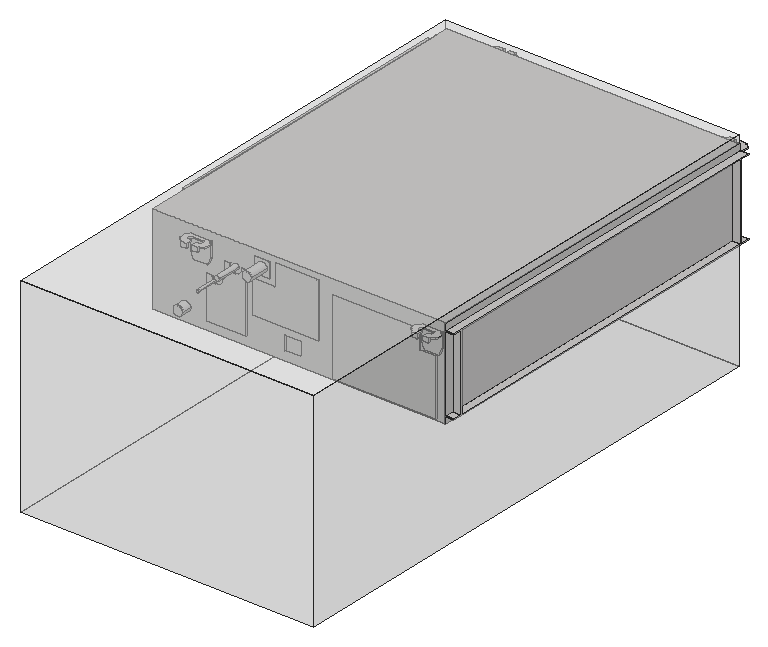
Revit family "outputfile", category 機械設備, Revit 2024
Family settings
  丸型コネクタ寸法 = 半径を使用
  パーツ タイプ = 標準
  OmniClass 番号 = 23.75.10.24.21.27.27
  OmniClass タイトル = Split System Air Conditioning Units
  作業面ベース = いいえ
  常に垂直 = はい
  ロード時にボイドで切り取り = いいえ
  注釈の向きを維持 = いいえ
  共有 = いいえ
  部屋計算ポイント = はい
Parameters (values of type "FMA50RVM4")
  Description = ""
  製造元 = "Daikin"
  書き出し IFC クラス(タイプ) = "IfcUnitaryEquipmentType"
  定義済み IFC タイプ(タイプ) = "AIRCONDITIONINGUNIT"
  Cost = 0
  モデル = "FMA50RVM4"
  Type Comments = ""
  Keynote = ""
  Type Image = (empty or 0)
  Assembly Code = ""
  switch_frequency = yes
  r_Liquid Pipe Size = Liquid Pipe Size / 2  # 3.2 mm
  r_Gas Pipe Size = Gas Pipe Size / 2  # 6.35 mm
  r_Drain Pipe Size = Drain Pipe Size / 2  # 12.5 mm
  lw_power = 770.0 mm  # constant formula
  lh_SA = 138.0 mm  # constant formula
  lw_SA = if(Depth = 550.0 mm, 225.0 mm, if(Depth = 700.0 mm, 300.0 mm, if(Depth = 1000.0 mm, 450.0 mm, if(Depth = 1400.0 mm, 650.0 mm, 725.0 mm))))  # 450.0 mm
  lw_RA = if(Depth = 550.0 mm, 275.0 mm, if(Depth = 700.0 mm, 349.0 mm, if(Depth = 1000.0 mm, 499.0 mm, if(Depth = 1400.0 mm, 699.0 mm, 775.0 mm))))  # 499.0 mm
  lh_power = 60.0 mm + [h***]  # 60.0 mm
  lh_mountinghole1 = lh_mountinghole + [h***]  # 222.0 mm
  lh_RA = 123.0 mm  # constant formula
  ld_power = Depth / 2  # 500.0 mm
  connector_voltage = Voltage_50Hz  # 230 V
  connector_powerinput = [Power Input (Cooling)]  # 0.000 kW
  connector_phase = Phase_50Hz  # 1
  Voltage_comment_50Hz = "220 - 240"
  Voltage_50Hz = 230 V
  URL = ""
  Supply Air Direction [instance] = yes
  Sound Power Level_H speed (dB) = 0
  Phase_50Hz = 1
  Minimum External Static Pressure = 50.00 Pa
  Minimum Circuit Amps_50Hz = 0.0 A
  Maximum Fuse Amps_50Hz = 0.0 A
  Maximum External Static Pressure = 150.00 Pa
  Material_Casing = DAIKIN_GalvanizedSteel_Casing_indoorunit
  lw_mountinghole = 630.0 mm  # constant formula
  lh_gaspipe = 183.0 mm + [h***]  # 183.0 mm
  lh_mountinghole = 222.0 mm  # constant formula
  lh_liquidpipe = 136.0 mm + [h***]  # 136.0 mm
  lh_drainpipe = 207.0 mm + [h***]  # 207.0 mm
  lh_antena = Height - lh_mountinghole + 1.0 mm  # 24.0 mm
  ld_drainpipe = Depth / 2 + 53.0 mm  # 553.0 mm
  ld_liquidpipe = Depth / 2 + 69.0 mm  # 569.0 mm
  ld_gaspipe = Depth / 2 + 65.0 mm  # 565.0 mm
  ld_mountinghole = Depth + 38.0 mm  # 1038.0 mm
  h*** = 0.0 mm  # constant formula
  lw_liquidpipe = 179.0 mm  # constant formula
  lw_gaspipe = 229.0 mm  # constant formula
  lw_drainpipe = 300.0 mm  # constant formula
  Width = 800.0 mm
  Version = "ver.1.0"
  Unit Type = "Duct (M.S.P)"
  Unit Mass Weight = 37.00 kg
  Unit Designation [instance] = ""
  Uniclass2015Version = "Products v1.30"
  Uniclass2015Title = "Split coil room air conditioning units"
  Uniclass2015Code = "Pr_70_65_03_86"
  Total Cooling Capacity [instance] = 0.000 kW
  Sound Pressure Level_M speed (dBA) = 33
  Sound Pressure Level_L speed (dBA) = 31
  Sound Pressure Level_H speed (dBA) = 35
  Series = "Multi Split_Fan Coil Unit"
  Sensible Cooling Capacity [instance] = 0.000 kW
  SA Duct Size Width = 792.0 mm
  SA Duct Size Height = 176.0 mm
  Refrigerant Type = "R32"
  RA Duct Size Width = 952.0 mm
  RA Duct Size Height = 208.0 mm
  Power Input (Cooling) = 0.000 kW
  Option Accessory 3 [instance] = ""
  Option Accessory 2 [instance] = ""
  Option Accessory 1 [instance] = ""
  Nominal Cooling Capacity = 5.000 kW
  Minimum Airflow = 750.00 m³/h
  Median Airflow = 900.00 m³/h
  Maximum Airflow = 1080.00 m³/h
  Load Classification = HVAC
  Liquid Pipe Size = 6.4 mm
  Link_Nested Family [instance] = ""
  IfcVersion = ""
  IfcExportType = "AIRCONDITIONINGUNIT"
  IfcExportAs = "IfcUnitaryEquipmentType"
  Height = 245.0 mm
  Heat Exchanger Type = "Cross Fin Coil"
  Gas Pipe Size = 12.7 mm
  Frequency_50Hz = 50 Hz
  Fan Type = "Sirocco Fan"
  Fan Drive = "Direct Drive"
  FCU Tag No. [instance] = ""
  Drain Pipe Size = 25.0 mm
  Design Supply Airflow [instance] = 0.00 m³/h
  Design Return Airflow [instance] = 0.00 m³/h
  Design External Static Pressure [instance] = 0.00 Pa
  Depth = 1000.0 mm
  既定の高さ = 0.0 mm
  Cooling Entering Wet Bulb Temperature [instance] = 0.00 °C
  Cooling Entering Dry Bulb Temperature [instance] = 0.00 °C
  Cooling Ambient Wet Bulb Temperature [instance] = 0.00 °C
  Cooling Ambient Dry Bulb Temperature [instance] = 0.00 °C
  Clearance visibility [instance] = yes
  Clearance Top = 20.0 mm
  Clearance Right = 0.0 mm
  Clearance Rear = 0.0 mm
  Clearance Left = 0.0 mm
  Clearance Front = 450.0 mm
  Clearance Bottom = 300.0 mm
Reference planes
  plane 1 "Center (Front/Back)": y = 0
  plane 2 "h": z = 0
  plane 3 "Center (Left/Right)": x = 0
  plane 4 "Back": y = 500
  plane 5 "Front": y = -500
  plane 6 "Left": x = -400
  plane 7 "Right": x = 400
  plane 8 "Top": z = 0
  plane 9 "Bottom": z = -245
  plane 10: y = -215
  plane 11: y = 500
  plane 12: y = -950
  plane 13: x = -400
  plane 14: x = 400
  plane 15: z = 20
  plane 16: z = -545
  plane 17: x = -400
  plane 18: x = -399
  plane 19: x = 399
  plane 20: y = 50
  plane 21: y = -1
  plane 22: z = -122
  plane 23: y = -501
  plane 24: z = -109
  plane 25: x = -221
  plane 26: y = -565
  plane 27: z = -62
  plane 28: x = -171
  plane 29: y = -553
  plane 30: z = -38
  plane 31: x = -100
  plane 32: x = -100
  plane 33: x = -221
  plane 34: x = -171
  plane 35: x = 370
  plane 36: x = -266
  plane 37: x = 364
  plane 38: y = -519
  plane 39: y = 519
  plane 40: z = -23
  plane 41: z = -107
  plane 42: y = -569
  plane 43: z = -207
  plane 44: x = -309
  plane 45: y = -526
  plane 46: x = -251
  plane 47: x = -203
  plane 48: x = -144
  plane 49: z = -59
  plane 50: z = -106
  plane 51: z = -221
  plane 52: z = -109
  plane 53: x = -221
  plane 54: z = -62
  plane 55: x = -171
  plane 56: z = -17
  plane 57: z = -59
  plane 58: x = -121
  plane 59: x = -79
  plane 60: x = -125
  plane 61: x = -64
  plane 62: x = 53
  plane 63: z = -164
  plane 64: z = -73
  plane 65: z = -16
  plane 66: x = 93.5
  plane 67: x = 374.5
  plane 68: x = 330
  plane 69: z = -88.5
  plane 70: z = -38
  plane 71: z = -242.5
  plane 72: x = -38.5
  plane 73: x = 6.5
  plane 74: z = -181
  plane 75: z = -221
  plane 76: y = -499
  plane 77: x = -424
  plane 78: x = 424
Forms (mm)
  Extrusion 1, solid, material "DAIKIN_GalvanizedSteel_Casing_indoorunit" <- "Material_Casing"
    sketch origin (0, 0, 0) x (1, 0, 0) y (0, 1, 0)
      loop
        line (-399, 500) -> (-399, -500) -> (399, -500) -> (399, 500) -> (-399, 500)
    from -245 to 0
  Extrusion 2, solid, material "DAIKIN_GalvanizedSteel_Casing_indoorunit" <- "Material_Casing"
    sketch origin (0, 0, 0) x (1, 0, 0) y (0, 0, 1)
      loop
        line (-251, -221) -> (-144, -221) -> (-144, -59) -> (-154.47, -59)
        arc (-154.47, -59) -> (-171, -78.8) -> (-187.53, -59) r 16.8
        line (-187.53, -59) -> (-203, -59) -> (-203, -106) -> (-206.916, -106)
        arc (-206.916, -106) -> (-221, -123.4) -> (-235.084, -106) r 14.4
        line (-235.084, -106) -> (-251, -106) -> (-251, -221)
    from 500 to 501
  Extrusion 3, solid, material "DAIKIN_GalvanizedSteel_Casing_indoorunit" <- "Material_Casing"
    sketch origin (0, 0, 0) x (1, 0, 0) y (0, 0, 1)
      loop
        line (-121, -17) -> (-121, -59) -> (-79, -59) -> (-79, -17) -> (-121, -17)
      loop
        line (-125, -73) -> (-125, -164) -> (53, -164) -> (53, -16) -> (-64, -16) -> (-64, -73) -> (-125, -73)
    from 500 to 501
  Extrusion 4, solid, material "DAIKIN_GalvanizedSteel_Casing_indoorunit" <- "Material_Casing"
    sketch origin (0, 0, 0) x (1, 0, 0) y (0, 0, 1)
      loop
        line (93.5, -38) -> (93.5, -242.5) -> (374.5, -242.5) -> (374.5, -88.5) -> (330, -88.5) -> (330, -38) -> (93.5, -38)
    from 500 to 501
  Extrusion 5, solid, material "DAIKIN_GalvanizedSteel_Casing_indoorunit" <- "Material_Casing"
    sketch origin (0, 0, 0) x (1, 0, 0) y (0, 0, 1)
      loop
        circle (-221, -109) r 3.2
    from 500 to 569
  Extrusion 6, solid, material "DAIKIN_GalvanizedSteel_Casing_indoorunit" <- "Material_Casing"
    sketch origin (0, 0, 0) x (1, 0, 0) y (0, 0, 1)
      loop
        circle (-171, -62) r 6.35
    from 500 to 565
  Extrusion 7, solid, material "DAIKIN_GalvanizedSteel_Casing_indoorunit" <- "Material_Casing"
    sketch origin (0, 0, 0) x (1, 0, 0) y (0, 0, 1)
      loop
        circle (-100, -38) r 12.5
    from 501 to 553
  Extrusion 8, solid, material "DAIKIN_GalvanizedSteel_Casing_indoorunit" <- "Material_Casing"
    sketch origin (0, 0, 0) x (1, 0, 0) y (0, 0, 1)
      loop
        circle (-309, -207) r 13
    from 500 to 526
  Extrusion 9, void
    sketch origin (0, 0, 0) x (1, 0, 0) y (0, 0, 1)
      loop
        line (-38.5, -181) -> (-38.5, -221) -> (6.5, -221) -> (6.5, -181) -> (-38.5, -181)
    from 499 to 500
Cuts and joins
  Extrusion 9 cuts Extrusion 1
Dimensions and locks
  "Height": plane 8 "Top" to plane 9 "Bottom"
  equal spacing: plane 4 "Back", plane 1 "Center (Front/Back)", plane 5 "Front"
  "Depth": plane 4 "Back" to plane 5 "Front"
  equal spacing: plane 6 "Left", plane 3 "Center (Left/Right)", plane 7 "Right"
  "Width": plane 6 "Left" to plane 7 "Right"
  "Clearance Left": plane 13 to plane 6 "Left"
  "Clearance Right": plane 7 "Right" to plane 14
  "Clearance Rear": plane 11 to plane 4 "Back"
  "Clearance Front": plane 5 "Front" to plane 12
  "Clearance Top": plane 15 to plane 8 "Top"
  "Clearance Bottom": plane 9 "Bottom" to plane 16
  locked: plane 17 to plane 18 at 1
  locked: plane 19 to plane 14 at 1
  "lw_SA": plane 11 to plane 20
  "lw_RA": plane 21 to plane 5 "Front"
  "lh_RA": plane 22 to plane 9 "Bottom"
  locked: plane 5 "Front" to plane 23 at 1
  "lw_liquidpipe": plane 25 to plane 6 "Left"
  "lh_liquidpipe": plane 24 to plane 9 "Bottom"
  "lh_gaspipe": plane 27 to plane 9 "Bottom"
  "lw_gaspipe": plane 28 to plane 6 "Left"
  "ld_gaspipe": plane 26 to plane 1 "Center (Front/Back)"
  "ld_drainpipe": plane 29 to plane 1 "Center (Front/Back)"
  "lh_drainpipe": plane 30 to plane 9 "Bottom"
  "lw_drainpipe": plane 31 to plane 6 "Left"
  "lw_drainpipe": plane 6 "Left" to plane 32
  "lw_liquidpipe": plane 6 "Left" to plane 33
  "lw_gaspipe": plane 6 "Left" to plane 34
  "lw_power": plane 6 "Left" to plane 35
  locked: plane 17 to plane 36 at 134
  "lw_mountinghole": plane 36 to plane 37
  equal spacing: plane 38, plane 1 "Center (Front/Back)", plane 39
  "ld_mountinghole": plane 39 to plane 38
  "lh_mountinghole": plane 40 to plane 9 "Bottom"
  "lh_SA": plane 41 to plane 9 "Bottom"
  locked: plane 44 to plane 6 "Left" at 91
  locked: plane 43 to plane 9 "Bottom" at 38
  plane 48 to plane 47 to plane 46 to plane 6 "Left" = 59.0 mm, 48.0 mm, 149.0 mm
  plane 8 "Top" to plane 49 to plane 50 to plane 51 = 59.0 mm locked, 47.0 mm locked, 115.0 mm locked
  plane 55 to plane 53 to plane 6 "Left" = 50.0 mm locked, 179.0 mm locked
  plane 54 to plane 52 to plane 9 "Bottom" = 47.0 mm locked, 136.0 mm locked
  plane 59 to plane 58 to plane 6 "Left" = 42.0 mm locked, 279.0 mm locked
  plane 8 "Top" to plane 56 to plane 57 = 17.0 mm locked, 42.0 mm locked
  plane 62 to plane 61 to plane 60 to plane 6 "Left" = 117.0 mm, 61.0 mm, 275.0 mm
  plane 8 "Top" to plane 65 to plane 64 = 16.0 mm locked, 57.0 mm locked
  locked: plane 65 to plane 63 at 148
  plane 8 "Top" to plane 70 to plane 69 to plane 71 = 38.0 mm locked, 50.5 mm locked, 154.0 mm locked
  plane 67 to plane 68 to plane 66 to plane 6 "Left" = 44.5 mm locked, 236.5 mm locked, 493.5 mm locked
  plane 8 "Top" to plane 74 to plane 75 = 181.0 mm locked, 40.0 mm locked
  plane 73 to plane 72 to plane 6 "Left" = 45.0 mm, 361.5 mm
  locked: plane 76 to plane 5 "Front" at 1
  locked: plane 77 to plane 17 at 24
  locked: plane 14 to plane 78 at 24
  "ld_liquidpipe": plane 42 to plane 1 "Center (Front/Back)"
  "r_Liquid Pipe Size": radius of Extrusion 5 sketch curve
  "r_Gas Pipe Size": radius of Extrusion 6 sketch curve
  "r_Drain Pipe Size": radius of Extrusion 7 sketch curve
  aligned and locked: level to plane 2 "h"
  aligned and locked: plane 8 "Top" to Extrusion 1
  aligned and locked: Extrusion 1 to plane 9 "Bottom"
  aligned and locked: nested 5 to plane 12
  aligned and locked: plane 13 to nested 5
  aligned and locked: plane 14 to nested 5
  aligned and locked: nested 5 to plane 13
  aligned and locked: plane 11 to nested 5
  aligned and locked: plane 15 to nested 5
  aligned and locked: plane 16 to nested 5
  aligned and locked: plane 5 "Front" to Extrusion 1 sketch curve
  aligned and locked: Extrusion 1 to plane 18
  aligned and locked: plane 19 to Extrusion 1
  aligned and locked: nested 7 to plane 18
  aligned and locked: nested 7 to plane 20
  aligned and locked: plane 19 to nested 8
  aligned and locked: plane 21 to nested 8
  aligned and locked: plane 22 to nested 8
  aligned and locked: Extrusion 2 to plane 23
  aligned and locked: plane 5 "Front" to Extrusion 2
  aligned and locked: Extrusion 3 to plane 23
  aligned and locked: plane 5 "Front" to Extrusion 3
  aligned and locked: plane 5 "Front" to Extrusion 4
  aligned and locked: Extrusion 5 sketch curve to plane 25
  aligned and locked: plane 24 to Extrusion 5 sketch curve
  aligned and locked: plane 5 "Front" to Extrusion 5
  aligned and locked: Extrusion 6 sketch curve to plane 28
  aligned and locked: plane 27 to Extrusion 6 sketch curve
  aligned and locked: plane 5 "Front" to Extrusion 6
  aligned and locked: Extrusion 7 sketch curve to plane 31
  aligned and locked: Extrusion 7 sketch curve to plane 30
  aligned and locked: Extrusion 7 to plane 29
  aligned and locked: plane 23 to Extrusion 7
  aligned and locked: nested 3 to plane 29
  aligned and locked: plane 32 to nested 3
  aligned and locked: nested 2 to plane 33
  aligned and locked: nested 1 to plane 34
  aligned and locked: Extrusion 6 to plane 26
  aligned and locked: nested 1 to plane 26
  aligned and locked: nested 6 to plane 5 "Front"
  aligned and locked: nested 6 to plane 35
  aligned and locked: plane 36 to nested 10
  aligned and locked: nested 10 to plane 5 "Front"
  aligned and locked: plane 37 to nested 9
  aligned and locked: nested 9 to plane 5 "Front"
  aligned and locked: nested 11 to plane 36
  aligned and locked: plane 4 "Back" to nested 11
  aligned and locked: nested 12 to plane 37
  aligned and locked: plane 4 "Back" to nested 12
  aligned and locked: plane 40 to nested 10
  aligned and locked: plane 40 to nested 11
  aligned and locked: plane 40 to nested 9
  aligned and locked: plane 40 to nested 12
  aligned and locked: plane 36 to nested 14
  aligned and locked: nested 14 to plane 39
  aligned and locked: plane 37 to nested 13
  aligned and locked: nested 13 to plane 39
  aligned and locked: plane 37 to nested 16
  aligned and locked: plane 38 to nested 16
  aligned and locked: plane 38 to nested 15
  aligned and locked: plane 36 to nested 15
  aligned and locked: plane 17 to plane 6 "Left"
  aligned and locked: plane 41 to nested 7
  aligned and locked: Extrusion 5 to plane 42
  aligned and locked: nested 2 to plane 42
  aligned and locked: Extrusion 8 sketch curve to plane 44
  aligned and locked: plane 43 to Extrusion 8 sketch curve
  aligned and locked: plane 5 "Front" to Extrusion 8
  aligned and locked: plane 45 to Extrusion 8
  aligned and locked: Extrusion 3 sketch curve to plane 56
  aligned and locked: Extrusion 3 sketch curve to plane 58
  aligned and locked: plane 57 to Extrusion 3 sketch curve
  aligned and locked: plane 59 to Extrusion 3 sketch curve
  aligned and locked: Extrusion 4 to plane 23
  aligned and locked: Extrusion 9 sketch curve to plane 74
  aligned and locked: plane 75 to Extrusion 9 sketch curve
  aligned and locked: plane 73 to Extrusion 9 sketch curve
  aligned and locked: plane 5 "Front" to Extrusion 9
  aligned and locked: plane 76 to Extrusion 9
  aligned and locked: nested 17 to plane 20
  aligned and locked: nested 17 to plane 77
  aligned and locked: plane 21 to nested 18
  aligned and locked: plane 78 to nested 18
  aligned and locked: plane 41 to nested 17
  aligned and locked: nested 18 to plane 22
  aligned and locked: nested 4 to plane 3 "Center (Left/Right)"
  aligned and locked: plane 1 "Center (Front/Back)" to nested 4
  aligned and locked: level to plane 8 "Top"
Automatic sketch dimensions
  plane 6 "Left" to Extrusion 1 sketch curve = 1.0 mm
  Extrusion 1 sketch curve to plane 7 "Right" = 1.0 mm
  Extrusion 1 sketch curve to plane 4 "Back" = 0.0 mm
  Extrusion 2 sketch curve to plane 46 = 0.0 mm
  Extrusion 2 sketch curve to plane 33 = 0.0 mm
  Extrusion 2 sketch curve to plane 47 = 0.0 mm
  Extrusion 2 sketch curve to plane 34 = 0.0 mm
  Extrusion 2 sketch curve to plane 48 = 0.0 mm
  Extrusion 2 sketch curve to plane 51 = 0.0 mm
  Extrusion 2 sketch curve to plane 52 = 0.0 mm
  Extrusion 2 sketch curve to plane 50 = 0.0 mm  (x3)
  Extrusion 2 sketch curve to plane 54 = 0.0 mm
  Extrusion 2 sketch curve to plane 49 = 0.0 mm  (x3)
  plane 33 to Extrusion 2 sketch curve = 14.084 mm
  plane 34 to Extrusion 2 sketch curve = 16.53 mm
  Extrusion 3 sketch curve to plane 60 = 0.0 mm
  Extrusion 3 sketch curve to plane 61 = 0.0 mm
  Extrusion 3 sketch curve to plane 62 = 0.0 mm
  Extrusion 3 sketch curve to plane 63 = 0.0 mm
  Extrusion 3 sketch curve to plane 64 = 0.0 mm
  Extrusion 3 sketch curve to plane 65 = 0.0 mm
  Extrusion 4 sketch curve to plane 66 = 0.0 mm
  Extrusion 4 sketch curve to plane 68 = 0.0 mm
  Extrusion 4 sketch curve to plane 67 = 0.0 mm
  Extrusion 4 sketch curve to plane 71 = 0.0 mm
  Extrusion 4 sketch curve to plane 69 = 0.0 mm
  Extrusion 4 sketch curve to plane 70 = 0.0 mm
  Extrusion 9 sketch curve to plane 72 = 0.0 mm
  radius of Extrusion 8 sketch curve = 13.0 mm
Nested families
  nested 1: "daikin_connector_rotate2" at (-171, 0, -62), length <- "ld_gaspipe", built-in parameter 1001364 <- "lh_gaspipe", radius <- "r_Gas Pipe Size", type "daikin_connector_rotate2"
    with radius 6.35 mm, length 565.0 mm, angle_vertical 90.00°
  nested 2: "daikin_connector_rotate2" at (-221, 0, -109), length <- "ld_liquidpipe", built-in parameter 1001364 <- "lh_liquidpipe", radius <- "r_Liquid Pipe Size", type "daikin_connector_rotate2"
    with radius 3.2 mm, length 569.0 mm, angle_vertical 90.00°
  nested 3: "daikin_connector_rotate2" at (-100, 0, -38), length <- "ld_drainpipe", built-in parameter 1001364 <- "lh_drainpipe", radius <- "r_Drain Pipe Size", type "daikin_connector_rotate2"
    with radius 12.5 mm, length 553.0 mm, angle_vertical 90.00°
  nested 4: "daikin_△_symbolicline" at (0, 0, 245) x (0, -1, 0) z (0, 0, 1), built-in parameter 1001364 <- "Height", visible <- "Supply Air Direction", type "daikin_△_symbolicline"
    with length 200.0 mm
  nested 5: "daikin_clearancespace" at (0, -225, -262.381), visible <- "Clearance visibility", show <- "Clearance visibility", Link_Nested Family <- "Link_Nested Family", type "daikin_clearancespace"
    with width 800.0 mm, show yes, height 565.0 mm, depth 1450.0 mm, Link_Nested Family ""
  nested 6: "daikin_connector_rotate2" at (370, 0, -185), built-in parameter 1001364 <- "lh_power", length <- "ld_power", type "daikin_connector_rotate2"
    with radius 10.0 mm, length 500.0 mm, angle_vertical 90.00°
  nested 7: "daikin_ductflange_FMA-RVM42" at (-399, 50, -107) x (0, -1, 0) z (0, 0, 1), type "daikin_ductflange_FMA-RVM42"
    with width 792.0 mm, w 1000.0 mm
  nested 8: "daikin_ductflange_FMA-RVM4" at (399, -1, -122) x (0, 1, 0) z (0, 0, 1), type "daikin_ductflange_FMA-RVM4"
    with width 952.0 mm, lw 25.0 mm, w 1000.0 mm
  nested 9: "daikin_hangerfixture_FMA-RVM4" at (364, -500, -23), type "daikin_hangerfixture_FMA-RVM4"
  nested 10: "daikin_hangerfixture_FMA-RVM4" at (-266, -500, -23), type "daikin_hangerfixture_FMA-RVM4"
  nested 11: "daikin_hangerfixture_FMA-RVM4" at (-266, 500, -23) x (-1, 0, 0) z (0, 0, 1), type "daikin_hangerfixture_FMA-RVM4"
  nested 12: "daikin_hangerfixture_FMA-RVM4" at (364, 500, -23) x (-1, 0, 0) z (0, 0, 1), type "daikin_hangerfixture_FMA-RVM4"
  nested 13: "daikin_mountinghole" at (364, 519, -245), h_mountinghole <- "lh_mountinghole1", l_antenna <- "lh_antena", Link_Nested Family <- "Link_Nested Family", type "daikin_mountinghole"
    with show yes, l_antenna 24.0 mm, h_mountinghole 222.0 mm, Link_Nested Family ""
  nested 14: "daikin_mountinghole" at (-266, 519, -245), h_mountinghole <- "lh_mountinghole1", l_antenna <- "lh_antena", Link_Nested Family <- "Link_Nested Family", type "daikin_mountinghole"
    with show yes, l_antenna 24.0 mm, h_mountinghole 222.0 mm, Link_Nested Family ""
  nested 15: "daikin_mountinghole" at (-266, -519, -245), h_mountinghole <- "lh_mountinghole1", l_antenna <- "lh_antena", Link_Nested Family <- "Link_Nested Family", type "daikin_mountinghole"
    with show yes, l_antenna 24.0 mm, h_mountinghole 222.0 mm, Link_Nested Family ""
  nested 16: "daikin_mountinghole" at (364, -519, -245), h_mountinghole <- "lh_mountinghole1", l_antenna <- "lh_antena", Link_Nested Family <- "Link_Nested Family", type "daikin_mountinghole"
    with show yes, l_antenna 24.0 mm, h_mountinghole 222.0 mm, Link_Nested Family ""
  nested 17: "daikin_connector_rotate2" at (-400, 50, -107) x (0, -1, 0) z (0, 0, 1), type "daikin_connector_rotate2"
    with radius 10.0 mm, length 24.0 mm, angle_vertical 90.00°
  nested 18: "daikin_connector_rotate2" at (400, -1, -122) x (0, 1, 0) z (0, 0, 1), type "daikin_connector_rotate2"
    with radius 10.0 mm, length 24.0 mm, angle_vertical 90.00°
Connectors
  piping at (-100, -553, -38), diameter 25, driven by "r_Drain Pipe Size"
    settings: on nested 3, index 3, connector inside diameter 609.6 mm, connector length 0.0 mm, flow factor 0, pipe flow 0.00 m³/h, pressure drop 0.0 Pa, fitting loss kfactor 0, connector angle 0.00°, fixture units 0, engagement length 0.0 mm, angle of deflection 0.00°, flow configuration 1, flow direction 2, fitting loss method 4, system type 16, joint type 0, gender type 0, connector reference index -1, connector utility 0, adjustable connector no, is connector primary yes, connector description "Condensate Drain Piping"
  piping at (-171, -565, -62), diameter 12.7, driven by "r_Gas Pipe Size"
    settings: on nested 1, index 4, connector inside diameter 609.6 mm, connector length 0.0 mm, flow factor 0, pipe flow 0.00 m³/h, pressure drop 0.0 Pa, fitting loss kfactor 0, connector angle 0.00°, fixture units 0, engagement length 0.0 mm, angle of deflection 0.00°, flow configuration 1, flow direction 2, fitting loss method 0, system type 29, joint type 0, gender type 0, connector reference index -1, connector utility 0, adjustable connector no, is connector primary no, connector description "Refrigerant Gas Piping"
  piping at (-221, -569, -109), diameter 6.4, driven by "r_Liquid Pipe Size"
    settings: on nested 2, index 5, connector inside diameter 609.6 mm, connector length 0.0 mm, flow factor 0, pipe flow 0.00 m³/h, pressure drop 0.0 Pa, fitting loss kfactor 0, connector angle 0.00°, fixture units 0, engagement length 0.0 mm, angle of deflection 0.00°, flow configuration 1, flow direction 1, fitting loss method 0, system type 29, joint type 0, gender type 0, connector reference index -1, connector utility 0, adjustable connector no, is connector primary no, connector description "Refrigerant Liquid Piping"
  electrical at (370, -500, -185), driven by "Load Classification", driven by "connector_phase", driven by "connector_powerinput", driven by "connector_voltage"
    settings: on nested 6, index 6, voltage 230 V, apparent load 0 VA, apparent load phase1 0 VA, apparent load phase2 0 VA, apparent load phase3 0 VA, power factor 1, load classification "HVAC", number of poles 1, system type 30, power factor state 1, is connector primary yes, connector utility no, sub classification motor no, connector description "Power Supply"
  hvac at (-424, 50, -107), driven by "SA Duct Size Height", driven by "SA Duct Size Width"
    settings: on nested 17, index 7, duct flow 0.00 m³/h, flow factor 0, pres drop 0.00 Pa, loss coef 0, conn angle 0.00°, conn width 792.0 mm, conn height 176.0 mm, conn diameter 609.6 mm, duct sys type 1, conn prof type 1, flow config 0, flow direction 2, loss method 4, conn ref index -1, conn util no, is conn primary yes, conn desc "SA Duct"
  hvac at (424, -1, -122), driven by "RA Duct Size Height", driven by "RA Duct Size Width"
    settings: on nested 18, index 8, duct flow 0.00 m³/h, flow factor 0, pres drop 0.00 Pa, loss coef 0, conn angle 0.00°, conn width 952.0 mm, conn height 208.0 mm, conn diameter 609.6 mm, duct sys type 2, conn prof type 1, flow config 0, flow direction 1, loss method 4, conn ref index -1, conn util no, is conn primary no, conn desc "RA Duct"
Definition of nested family "daikin_clearancespace"
  Parameters (values of type "daikin_clearancespace")
    Description = "daikin_clearancespace"
    width [instance] = 1823.963 mm
    show [instance] = yes
    material = none
    height [instance] = 1359.762 mm
    depth [instance] = 880.0 mm
    Default Elevation = 0.0 mm
    Link_Nested Family [instance] = ""
  Reference planes
    plane 1 "Center (Front/Back)": y = 0
    plane 2 "Center (Elevation)": z = -0.119
    plane 3 "Center (Left/Right)": x = 0
    plane 4: y = 440
    plane 5: y = -440
    plane 6 "Right": x = 911.982
    plane 7 "Left": x = -911.982
    plane 8 "Top": z = 679.762
    plane 9 "Bottom": z = -680
  Forms (mm)
    Extrusion 1, solid, material <- "material", visible <- "show"
      sketch origin (0, 0, 0) x (1, 0, 0) y (0, 1, 0)
        loop
          line (-911.982, 440) -> (-911.982, -440) -> (911.982, -440) -> (911.982, 440) -> (-911.982, 440)
      from -680 to 679.762
  Lines and regions (mm)
    symbolic lines, visible <- "show"
      curve 1: line (911.982, 440, 0) -> (-911.982, 440, 0)
      curve 2: line (-911.982, 440, 0) -> (-911.982, -440, 0)
      curve 3: line (-911.982, -440, 0) -> (911.982, -440, 0)
      curve 4: line (911.982, -440, 0) -> (911.982, 440, 0)
      curve 5: line (911.982, 0, 679.762) -> (-911.982, 0, 679.762)
      curve 6: line (911.982, 0, -680) -> (911.982, 0, 679.762)
      curve 7: line (-911.982, 0, -680) -> (911.982, 0, -680)
      curve 8: line (-911.982, 0, 679.762) -> (-911.982, 0, -680)
      curve 9: line (0, 440, 679.762) -> (0, -440, 679.762)
      curve 10: line (0, -440, 679.762) -> (0, -440, -680)
      curve 11: line (0, 440, -680) -> (0, 440, 679.762)
      curve 12: line (0, -440, -680) -> (0, 440, -680)
  Dimensions and locks
    "width": plane 7 "Left" to plane 6 "Right"
    "depth": plane 4 to plane 5
    "height": plane 8 "Top" to plane 9 "Bottom"
    equal spacing: plane 7 "Left", plane 3 "Center (Left/Right)", plane 6 "Right"
    equal spacing: plane 4, plane 1 "Center (Front/Back)", plane 5
    equal spacing: plane 8 "Top", plane 2 "Center (Elevation)", plane 9 "Bottom"
    aligned and locked: level to plane 2 "Center (Elevation)"
    aligned and locked: Extrusion 1 sketch curve to plane 4
    aligned and locked: plane 7 "Left" to Extrusion 1 sketch curve
    aligned and locked: Extrusion 1 sketch curve to plane 5
    aligned and locked: Extrusion 1 sketch curve to plane 6 "Right"
    aligned and locked: plane 8 "Top" to Extrusion 1
    aligned and locked: curve 1 to Extrusion 1
    aligned and locked: curve 2 to Extrusion 1
    aligned and locked: curve 3 to Extrusion 1
    aligned and locked: curve 4 to Extrusion 1
    aligned and locked: curve 5 to Extrusion 1
    aligned and locked: curve 6 to Extrusion 1
    aligned and locked: curve 7 to Extrusion 1
    aligned and locked: curve 8 to Extrusion 1
    aligned and locked: curve 9 to Extrusion 1
    aligned and locked: curve 10 to Extrusion 1
    aligned and locked: curve 11 to Extrusion 1
    aligned and locked: curve 12 to Extrusion 1
    aligned and locked: Extrusion 1 to plane 9 "Bottom"
Definition of nested family "daikin_ductflange_FMA-RVM42"
  Parameters (values of type "daikin_ductflange_FBFC-DVMG2")
    width = if(w = 550.0 mm, 337.0 mm, if(w = 700.0 mm, 492.0 mm, if(w = 1000.0 mm, 792.0 mm, if(w = 1400.0 mm, 1192.0 mm, 1337.0 mm))))  # 1192.0 mm
    material = none
    height = 215.0 mm
    depth = 1.0 mm
    w = 1400.0 mm
    Default Elevation = 0.0 mm
  Reference planes
    plane 1 "Center (Front/Back)": y = 0
    plane 2: z = 0
    plane 3 "Center (Left/Right)": x = 0
    plane 4: z = 88
    plane 5: z = -88
    plane 6: y = -25
    plane 7: z = 106
    plane 8: z = 89
    plane 9: y = -1
    plane 10: x = -617.5
    plane 11: x = 617.5
    plane 12: z = -106
    plane 13: z = -89
    plane 14: y = -1
    plane 15: x = 596
    plane 16: x = -596
    plane 17: x = 597
    plane 18: z = 87
    plane 19: z = -87
    plane 20: x = -597
    plane 21: z = 87
    plane 22: z = -87
    plane 23: y = -1
  Forms (mm)
    Extrusion 1, solid, material <- "material"
      sketch origin (0, 0, 0) x (0, 1, 0) y (0, 0, 1)
        loop
          line (-25, 88) -> (0, 88) -> (0, 106) -> (-1, 106) -> (-1, 89) -> (-25, 89) -> (-25, 88)
      from -617.5 to 617.5
    Extrusion 2, solid, material <- "material"
      sketch origin (0, 0, 0) x (0, 1, 0) y (0, 0, 1)
        loop
          line (-25, -88) -> (-25, -89) -> (-1, -89) -> (-1, -106) -> (0, -106) -> (0, -88) -> (-25, -88)
      from -617.5 to 617.5
    Extrusion 3, solid, material <- "material"
      sketch origin (0, 0, 0) x (1, 0, 0) y (0, 0, 1)
        loop
          line (596, 88) -> (596, -88) -> (617.5, -88) -> (617.5, -87) -> (597, -87) -> (597, 87) -> (617.5, 87) -> (617.5, 88) -> (596, 88)
      from 0 to 25
    Extrusion 4, solid, material <- "material"
      sketch origin (0, 0, 0) x (1, 0, 0) y (0, 0, 1)
        loop
          line (-617.5, 88) -> (-617.5, 87) -> (-597, 87) -> (-597, -87) -> (-617.5, -87) -> (-617.5, -88) -> (-596, -88) -> (-596, 88) -> (-617.5, 88)
      from 0 to 25
    Extrusion 5, solid, material <- "material"
      sketch origin (0, 0, 0) x (1, 0, 0) y (0, 0, 1)
        loop
          line (-617.5, 88) -> (-617.5, -88) -> (-596, -88) -> (-596, 88) -> (-617.5, 88)
        loop
          line (617.5, 88) -> (596, 88) -> (596, -88) -> (617.5, -88) -> (617.5, 88)
      from 0 to 1
  Cuts and joins
    joined: Extrusion 1, Extrusion 2, Extrusion 3, Extrusion 4, Extrusion 5
  Dimensions and locks
    plane 4 to level to plane 5 = 88.0 mm, 88.0 mm
    locked: plane 6 to plane 1 "Center (Front/Back)" at 25
    locked: plane 9 to plane 1 "Center (Front/Back)" at 1
    locked: plane 8 to plane 4 at 1
    locked: plane 16 to plane 10 at 21.5
    locked: plane 17 to plane 15 at 1
    locked: plane 4 to plane 18 at 1
    locked: plane 19 to plane 5 at 1
    "width": plane 15 to plane 16
    plane 4 to plane 5 = 176.0 mm
    locked: plane 16 to plane 20 at 1
    locked: plane 4 to plane 21 at 1
    locked: plane 22 to plane 5 at 1
    locked: plane 23 to plane 1 "Center (Front/Back)" at 1
    plane 4 to level to plane 5 = 88.0 mm locked, 88.0 mm locked
    locked: plane 5 to plane 13 at 1
    locked: plane 5 to plane 12 at 18
    locked: plane 7 to plane 4 at 18
    equal spacing: plane 15, plane 3 "Center (Left/Right)", plane 16
    locked: plane 11 to plane 15 at 21.5
    plane 11 to plane 10 = 1235.0 mm
    aligned and locked: level to plane 2
    aligned and locked: Extrusion 1 to plane 10
    aligned and locked: plane 11 to Extrusion 1
    aligned and locked: plane 5 to Extrusion 2
    aligned and locked: Extrusion 2 to plane 1 "Center (Front/Back)"
    aligned and locked: plane 15 to Extrusion 3 sketch curve
    aligned and locked: Extrusion 3 sketch curve to Extrusion 2  (x2)
    aligned and locked: Extrusion 3 sketch curve to plane 11
    aligned and locked: plane 6 to Extrusion 3
    aligned and locked: Extrusion 2 to plane 10
    aligned and locked: plane 11 to Extrusion 2
    aligned and locked: Extrusion 4 sketch curve to Extrusion 1  (x2)
    aligned and locked: plane 5 to Extrusion 4 sketch curve
    aligned and locked: Extrusion 4 sketch curve to plane 16
    aligned and locked: Extrusion 4 sketch curve to plane 22
    aligned and locked: plane 20 to Extrusion 4 sketch curve
    aligned and locked: plane 21 to Extrusion 4 sketch curve
    aligned and locked: Extrusion 4 to plane 1 "Center (Front/Back)"
    aligned and locked: plane 6 to Extrusion 4
    aligned and locked: Extrusion 5 sketch curve to Extrusion 1  (x4)
    aligned and locked: Extrusion 5 sketch curve to Extrusion 4  (x2)
    aligned and locked: Extrusion 5 sketch curve to Extrusion 3  (x2)
    aligned and locked: Extrusion 5 to plane 1 "Center (Front/Back)"
    aligned and locked: plane 23 to Extrusion 5
  Automatic sketch dimensions
    Extrusion 1 sketch curve to plane 6 = 0.0 mm
    Extrusion 1 sketch curve to plane 7 = 0.0 mm
    Extrusion 1 sketch curve to plane 9 = 0.0 mm
    Extrusion 1 sketch curve to plane 1 "Center (Front/Back)" = 0.0 mm
    Extrusion 1 sketch curve to plane 4 = 0.0 mm
    Extrusion 1 sketch curve to plane 8 = 0.0 mm
    Extrusion 2 sketch curve to plane 6 = 0.0 mm
    plane 12 to Extrusion 2 sketch curve = 0.0 mm
    Extrusion 2 sketch curve to plane 14 = 0.0 mm
    Extrusion 2 sketch curve to plane 1 "Center (Front/Back)" = 0.0 mm
    plane 13 to Extrusion 2 sketch curve = 0.0 mm
    Extrusion 2 sketch curve to plane 5 = 0.0 mm
    Extrusion 3 sketch curve to plane 17 = 0.0 mm
    Extrusion 3 sketch curve to plane 19 = 0.0 mm
    Extrusion 3 sketch curve to plane 18 = 0.0 mm
    Extrusion 3 sketch curve to plane 4 = 0.0 mm
    Extrusion 4 sketch curve to plane 10 = 0.0 mm
Definition of nested family "daikin_ductflange_FMA-RVM4"
  Parameters (values of type "daikin_ductflange_FBFC-DVMG")
    width = if(w = 550.0 mm, 502.0 mm, if(w = 700.0 mm, 654.0 mm, if(w = 1000.0 mm, 952.0 mm, if(w = 1400.0 mm, 1352.0 mm, 1502.0 mm))))  # 654.0 mm
    material = none
    lw = if(width = 654.0 mm, 23.0 mm, 25.0 mm)  # 23.0 mm
    height = 208.0 mm
    depth = 1.0 mm
    w = 700.0 mm
    Default Elevation = 0.0 mm
  Reference planes
    plane 1 "Center (Front/Back)": y = 0
    plane 2: z = 0
    plane 3 "Center (Left/Right)": x = 0
    plane 4: z = 104
    plane 5: z = -104
    plane 6: y = -25
    plane 7: z = 121
    plane 8: z = 105
    plane 9: y = -1
    plane 10: x = -350
    plane 11: x = 350
    plane 12: z = -122
    plane 13: z = -105
    plane 14: y = -1
    plane 15: x = 327
    plane 16: x = -327
    plane 17: x = 328
    plane 18: z = 103
    plane 19: z = -103
    plane 20: x = -328
    plane 21: z = 103
    plane 22: z = -103
    plane 23: y = -1
  Forms (mm)
    Extrusion 1, solid, material <- "material"
      sketch origin (0, 0, 0) x (0, 1, 0) y (0, 0, 1)
        loop
          line (-25, 104) -> (0, 104) -> (0, 121) -> (-1, 121) -> (-1, 105) -> (-25, 105) -> (-25, 104)
      from -350 to 350
    Extrusion 2, solid, material <- "material"
      sketch origin (0, 0, 0) x (0, 1, 0) y (0, 0, 1)
        loop
          line (-25, -104) -> (-25, -105) -> (-1, -105) -> (-1, -122) -> (0, -122) -> (0, -104) -> (-25, -104)
      from -350 to 350
    Extrusion 3, solid, material <- "material"
      sketch origin (0, 0, 0) x (1, 0, 0) y (0, 0, 1)
        loop
          line (327, 104) -> (327, -104) -> (350, -104) -> (350, -103) -> (328, -103) -> (328, 103) -> (350, 103) -> (350, 104) -> (327, 104)
      from 0 to 25
    Extrusion 4, solid, material <- "material"
      sketch origin (0, 0, 0) x (1, 0, 0) y (0, 0, 1)
        loop
          line (-350, 104) -> (-350, 103) -> (-328, 103) -> (-328, -103) -> (-350, -103) -> (-350, -104) -> (-327, -104) -> (-327, 104) -> (-350, 104)
      from 0 to 25
    Extrusion 5, solid, material <- "material"
      sketch origin (0, 0, 0) x (1, 0, 0) y (0, 0, 1)
        loop
          line (-350, 104) -> (-350, -104) -> (-327, -104) -> (-327, 104) -> (-350, 104)
        loop
          line (350, 104) -> (327, 104) -> (327, -104) -> (350, -104) -> (350, 104)
      from 0 to 1
  Cuts and joins
    joined: Extrusion 1, Extrusion 2, Extrusion 3, Extrusion 4, Extrusion 5
  Dimensions and locks
    plane 4 to level to plane 5 = 104.0 mm, 104.0 mm
    locked: plane 6 to plane 1 "Center (Front/Back)" at 25
    locked: plane 9 to plane 1 "Center (Front/Back)" at 1
    locked: plane 8 to plane 4 at 1
    "lw": plane 11 to plane 15
    "lw": plane 16 to plane 10
    locked: plane 17 to plane 15 at 1
    locked: plane 4 to plane 18 at 1
    locked: plane 19 to plane 5 at 1
    "width": plane 15 to plane 16
    equal spacing: plane 15, plane 3 "Center (Left/Right)", plane 16
    locked: plane 16 to plane 20 at 1
    locked: plane 4 to plane 21 at 1
    locked: plane 22 to plane 5 at 1
    locked: plane 23 to plane 1 "Center (Front/Back)" at 1
    locked: plane 7 to plane 4 at 17
    locked: plane 1 "Center (Front/Back)" to plane 14 at 1
    locked: plane 5 to plane 13 at 1
    "height": plane 4 to plane 5
    plane 11 to plane 10 = 700.0 mm
    locked: plane 12 to plane 13 at 17
    equal spacing: plane 4, level, plane 5
    aligned and locked: level to plane 2
    aligned and locked: Extrusion 1 to plane 10
    aligned and locked: plane 11 to Extrusion 1
    aligned and locked: plane 5 to Extrusion 2
    aligned and locked: Extrusion 2 to plane 1 "Center (Front/Back)"
    aligned and locked: plane 15 to Extrusion 3 sketch curve
    aligned and locked: Extrusion 3 sketch curve to Extrusion 2  (x2)
    aligned and locked: Extrusion 3 sketch curve to plane 11
    aligned and locked: plane 6 to Extrusion 3
    aligned and locked: Extrusion 2 to plane 10
    aligned and locked: plane 11 to Extrusion 2
    aligned and locked: Extrusion 4 sketch curve to Extrusion 1  (x2)
    aligned and locked: plane 5 to Extrusion 4 sketch curve
    aligned and locked: Extrusion 4 sketch curve to plane 16
    aligned and locked: Extrusion 4 sketch curve to plane 22
    aligned and locked: plane 20 to Extrusion 4 sketch curve
    aligned and locked: plane 21 to Extrusion 4 sketch curve
    aligned and locked: Extrusion 4 to plane 1 "Center (Front/Back)"
    aligned and locked: plane 6 to Extrusion 4
    aligned and locked: Extrusion 5 sketch curve to Extrusion 1  (x4)
    aligned and locked: Extrusion 5 sketch curve to Extrusion 4  (x2)
    aligned and locked: Extrusion 5 sketch curve to Extrusion 3  (x2)
    aligned and locked: Extrusion 5 to plane 1 "Center (Front/Back)"
    aligned and locked: plane 23 to Extrusion 5
  Automatic sketch dimensions
    Extrusion 1 sketch curve to plane 6 = 0.0 mm
    Extrusion 1 sketch curve to plane 7 = 0.0 mm
    Extrusion 1 sketch curve to plane 9 = 0.0 mm
    Extrusion 1 sketch curve to plane 1 "Center (Front/Back)" = 0.0 mm
    Extrusion 1 sketch curve to plane 4 = 0.0 mm
    Extrusion 1 sketch curve to plane 8 = 0.0 mm
    Extrusion 2 sketch curve to plane 6 = 0.0 mm
    plane 12 to Extrusion 2 sketch curve = 0.0 mm
    Extrusion 2 sketch curve to plane 14 = 0.0 mm
    Extrusion 2 sketch curve to plane 1 "Center (Front/Back)" = 0.0 mm
    plane 13 to Extrusion 2 sketch curve = 0.0 mm
    Extrusion 2 sketch curve to plane 5 = 0.0 mm
    Extrusion 3 sketch curve to plane 17 = 0.0 mm
    Extrusion 3 sketch curve to plane 19 = 0.0 mm
    Extrusion 3 sketch curve to plane 18 = 0.0 mm
    Extrusion 3 sketch curve to plane 4 = 0.0 mm
    Extrusion 4 sketch curve to plane 10 = 0.0 mm
Definition of nested family "daikin_hangerfixture_FMA-RVM4"
  Parameters (values of type "daikin_hangerfixture_FXMQ-PAVE")
    width = 72.0 mm
    material = none
    height = 60.0 mm
    depth = 41.0 mm
    Default Elevation = 0.0 mm
  Reference planes
    plane 1 "Center (Front/Back)": y = 0
    plane 2: z = 0
    plane 3 "Center (Left/Right)": x = 0
    plane 4: y = 417.146
    plane 5: y = -41
    plane 6: x = -36
    plane 7: x = 36
    plane 8: z = -2.3
    plane 9: z = -60
    plane 10: y = -2.3
    plane 11: z = -12
    plane 12: y = -38.7
  Forms (mm)
    Extrusion 1, solid, material <- "material"
      sketch origin (0, 0, 0) x (1, 0, 0) y (0, 1, 0)
        loop
          line (-28, 0) -> (-28, -5)
          arc (-28, -5) -> (-29.127, -8.162) -> (-32, -9.899) r 5
          arc (-32, -9.899) -> (-34.873, -11.636) -> (-36, -14.798) r 5
          line (-36, -14.798) -> (-36, -27.178)
          arc (-36, -27.178) -> (-35.429, -29.499) -> (-33.846, -31.289) r 5
          line (-33.846, -31.289) -> (-23, -38.798) -> (-23, -41.098) -> (-6.5, -41.098) -> (-6.5, -28.498)
          arc (-6.5, -28.498) -> (-7.379, -26.377) -> (-9.5, -25.498) r 3
          line (-9.5, -25.498) -> (-13.5, -25.498)
          arc (-13.5, -25.498) -> (-20, -18.998) -> (-13.5, -12.498) r 6.5
          line (-13.5, -12.498) -> (13.5, -12.498)
          arc (13.5, -12.498) -> (20, -18.998) -> (13.5, -25.498) r 6.5
          line (13.5, -25.498) -> (9.5, -25.498)
          arc (9.5, -25.498) -> (7.379, -26.377) -> (6.5, -28.498) r 3
          line (6.5, -28.498) -> (6.5, -41.098) -> (23, -41.098) -> (23, -38.798) -> (33.846, -31.289)
          arc (33.846, -31.289) -> (35.429, -29.499) -> (36, -27.178) r 5
          line (36, -27.178) -> (36, -14.596)
          arc (36, -14.596) -> (34.873, -11.434) -> (32, -9.697) r 5
          arc (32, -9.697) -> (29.127, -7.96) -> (28, -4.798) r 5
          line (28, -4.798) -> (28, 0) -> (-28, 0)
      from 0 to -2.3
    Extrusion 2, solid, material <- "material"
      sketch origin (0, 0, 0) x (1, 0, 0) y (0, 0, 1)
        loop
          line (28, -39.037) -> (28, 0) -> (-28, 0) -> (-28, -39.037)
          arc (-28, -39.037) -> (-27.91, -39.983) -> (-27.642, -40.894) r 5
          line (-27.642, -40.894) -> (-21.257, -56.857)
          arc (-21.257, -56.857) -> (-19.418, -59.14) -> (-16.615, -60) r 5
          line (-16.615, -60) -> (16.615, -60)
          arc (16.615, -60) -> (19.418, -59.14) -> (21.257, -56.857) r 5
          line (21.257, -56.857) -> (27.642, -40.894)
          arc (27.642, -40.894) -> (27.91, -39.983) -> (28, -39.037) r 5
      from 0 to 2.3
    Extrusion 3, solid, material <- "material"
      sketch origin (0, 0, 0) x (1, 0, 0) y (0, 0, 1)
        loop
          line (-23, 0) -> (-23, -9)
          arc (-23, -9) -> (-22.121, -11.121) -> (-20, -12) r 3
          line (-20, -12) -> (-9.5, -12)
          arc (-9.5, -12) -> (-7.379, -11.121) -> (-6.5, -9) r 3
          line (-6.5, -9) -> (-6.5, 0) -> (-23, 0)
        loop
          line (23, 0) -> (6.5, 0) -> (6.5, -9)
          arc (6.5, -9) -> (7.379, -11.121) -> (9.5, -12) r 3
          line (9.5, -12) -> (20, -12)
          arc (20, -12) -> (22.121, -11.121) -> (23, -9) r 3
          line (23, -9) -> (23, 0)
      from 38.8 to 41.098
  Cuts and joins
    joined: Extrusion 1, Extrusion 2, Extrusion 3
  Dimensions and locks
    plane 2 to plane 8 = 2.3 mm
    "height": plane 2 to plane 9
    locked: plane 10 to plane 1 "Center (Front/Back)" at 2.3
    locked: plane 2 to plane 11 at 12
    locked: plane 12 to plane 5 at 2.3
    aligned and locked: level to plane 2
    aligned and locked: Extrusion 1 to plane 8
    aligned and locked: plane 2 to Extrusion 1
    aligned and locked: plane 2 to Extrusion 2 sketch curve
    aligned and locked: Extrusion 2 to plane 10
    aligned and locked: Extrusion 2 to plane 1 "Center (Front/Back)"
    aligned and locked: Extrusion 3 sketch curve to cut or joined group of Extrusion 1, Extrusion 2, Extrusion 3  (x3)
    aligned and locked: cut or joined group of Extrusion 1, Extrusion 2, Extrusion 3 to Extrusion 3
  Automatic sketch dimensions
    Extrusion 2 sketch curve to plane 7 = 8.0 mm
    Extrusion 2 sketch curve to plane 8 = 36.737 mm
    plane 6 to Extrusion 2 sketch curve = 19.385 mm
    Extrusion 1 sketch curve to plane 6 = 0.0 mm
    plane 1 "Center (Front/Back)" to Extrusion 1 sketch curve = 0.0 mm
    Extrusion 1 sketch curve to plane 7 = 0.0 mm
    plane 6 to Extrusion 1 sketch curve = 2.154 mm
    plane 6 to Extrusion 1 sketch curve = 3.0 mm
    Extrusion 1 sketch curve to Extrusion 1 sketch curve = 5.0 mm  (x3)
    Extrusion 1 sketch curve to plane 12 = 0.098 mm  (x2)
    Extrusion 1 sketch curve to Extrusion 1 sketch curve = 4.0 mm  (x2)
    Extrusion 1 sketch curve to plane 5 = 0.098 mm  (x2)
    Extrusion 1 sketch curve to plane 3 "Center (Left/Right)" = 6.5 mm
    plane 3 "Center (Left/Right)" to Extrusion 1 sketch curve = 6.5 mm
    Extrusion 1 sketch curve to Extrusion 1 sketch curve = 3.0 mm
    Extrusion 1 sketch curve to plane 7 = 8.0 mm
    Extrusion 1 sketch curve to plane 7 = 5.0 mm
    Extrusion 1 sketch curve to plane 7 = 3.0 mm
    Extrusion 1 sketch curve to plane 7 = 2.154 mm
    plane 12 to Extrusion 1 sketch curve = 7.411 mm  (x2)
    plane 12 to Extrusion 1 sketch curve = 10.202 mm  (x2)
    Extrusion 1 sketch curve to Extrusion 1 sketch curve = 6.5 mm  (x2)
    Extrusion 1 sketch curve to Extrusion 1 sketch curve = 12.38 mm
    Extrusion 1 sketch curve to plane 10 = 12.296 mm
    Extrusion 1 sketch curve to plane 10 = 2.7 mm
    Extrusion 1 sketch curve to plane 10 = 2.498 mm
    plane 6 to Extrusion 1 sketch curve = 4.0 mm
    Extrusion 1 sketch curve to Extrusion 1 sketch curve = 0.0 mm  (x2)
    Extrusion 1 sketch curve to plane 7 = 4.0 mm
    Extrusion 1 sketch curve to Extrusion 1 sketch curve = 4.111 mm
    Extrusion 3 sketch curve to level = 0.0 mm  (x2)
    Extrusion 3 sketch curve to plane 11 = 0.0 mm  (x2)
    plane 11 to Extrusion 3 sketch curve = 3.0 mm  (x2)
    plane 3 "Center (Left/Right)" to Extrusion 3 sketch curve = 6.5 mm
    Extrusion 3 sketch curve to Extrusion 3 sketch curve = 3.0 mm  (x2)
    Extrusion 2 sketch curve to plane 9 = 0.0 mm
    Extrusion 2 sketch curve to Extrusion 2 sketch curve = 11.385 mm
    plane 6 to Extrusion 2 sketch curve = 8.0 mm
    plane 9 to Extrusion 2 sketch curve = 20.963 mm
    Extrusion 2 sketch curve to Extrusion 2 sketch curve = 5.0 mm  (x2)
    plane 9 to Extrusion 2 sketch curve = 3.143 mm  (x3)
    Extrusion 2 sketch curve to Extrusion 2 sketch curve = 4.642 mm  (x2)
    Extrusion 2 sketch curve to Extrusion 2 sketch curve = 0.0 mm  (x2)
    Extrusion 2 sketch curve to Extrusion 2 sketch curve = 0.358 mm
    Extrusion 2 sketch curve to Extrusion 2 sketch curve = 1.857 mm  (x2)
Definition of nested family "daikin_connector_rotate2"
  Parameters (values of type "daikin_connector_rotate2")
    Default Elevation = 1219.2 mm
    show_face = no
    radius [instance] = 10.0 mm
    length [instance] = 600.0 mm
    d_surface = 10.0 mm
    angle_vertical [instance] = 90.00°
  Reference planes
    plane 1 "Center (Front/Back)": y = 0
    plane 2: z = 0
    plane 3 "Center (Left/Right)": x = 0
  Forms (mm)
    Extrusion 1, solid, visible <- "show_face"
      sketch origin (0, -600, 0) x (1, 0, 0) y (0, 0, 1)
        loop
          circle (0, 0) r 10
      from 0 to -10
  Lines and regions (mm)
    reference lines
      curve 1: line (0, 0, 0) -> (0, -600, 0)
    symbolic lines
      curve 2: circle (0, 0, 0) r 5 normal (0, 0, 1)
    model lines, visible <- "show_face"
      curve 3: line (0, 0, 0) -> (0, -600, 0)
  Dimensions and locks
    "length": curve 1 to curve 1
    "length": curve 3 to curve 3
    "d_surface": Extrusion 1 to Extrusion 1
    "radius": radius of Extrusion 1 sketch curve
    "angle_vertical": angle curve 1 to plane 1 "Center (Front/Back)"
    "angle_vertical": angle curve 3 to plane 1 "Center (Front/Back)"
    aligned and locked: level to plane 2
    aligned and locked: plane 1 "Center (Front/Back)" to curve 1
    aligned and locked: plane 2 to curve 1
    aligned and locked: plane 1 "Center (Front/Back)" to curve 2
    aligned and locked: plane 3 "Center (Left/Right)" to curve 2
    aligned and locked: plane 1 "Center (Front/Back)" to curve 3
    aligned and locked: plane 2 to curve 3
    aligned and locked: Extrusion 1 to Extrusion 1
  Automatic sketch dimensions
    Extrusion 1 sketch curve to level = 0.0 mm
    Extrusion 1 sketch curve to plane 3 "Center (Left/Right)" = 0.0 mm
    radius of curve 2 = 5.0 mm
Definition of nested family "daikin_△_symbolicline"
  Parameters (values of type "daikin_△_symbolicline")
    length [instance] = 200.0 mm
    Default Elevation = 0.0 mm
  Reference planes
    plane 1 "Center (Front/Back)": y = 0
    plane 2: z = 0
    plane 3 "Center (Left/Right)": x = 0
  Lines and regions (mm)
    symbolic lines
      curve 1: line (0, -173.205, 0) -> (100, 0, 0)
      curve 2: line (100, 0, 0) -> (-100, 0, 0)
      curve 3: line (-100, 0, 0) -> (0, -173.205, 0)
  Dimensions and locks
    equal spacing: curve 3, plane 3 "Center (Left/Right)", curve 2
    "length": curve 3 to curve 2
    "length": curve 3 to curve 3
    "length": curve 1 to curve 1
    aligned and locked: level to plane 2
    aligned and locked: curve 2 to plane 1 "Center (Front/Back)"
    aligned and locked: plane 3 "Center (Left/Right)" to curve 3
Definition of nested family "daikin_mountinghole"
  Parameters (values of type "daikin_mountinghole")
    Default Elevation = 1219.2 mm
    Type Comments = "mountinghole"
    show [instance] = yes
    material = none
    l_centerline = 100.0 mm
    l_antenna [instance] = 100.0 mm
    h_mountinghole [instance] = 0.0 mm
    d_circle = 30.0 mm
    Link_Nested Family [instance] = ""
  Reference planes
    plane 1 "Center (Front/Back)": y = 0
    plane 2: z = 0
    plane 3 "Center (Left/Right)": x = 0
    plane 4: y = 50
    plane 5: x = -50
    plane 6: x = 50
    plane 7: y = -50
    plane 8 "h_mountinghole": z = 0
    plane 9: z = 100
  Lines and regions (mm)
    model lines, detail levels fine
      curve 1: circle (0, 0, 0) r 15 normal (0, 0, 1)
      curve 2: line (-50, 0, 0) -> (50, 0, 0)
      curve 3: line (0, 50, 0) -> (0, -50, 0)
    symbolic lines, detail levels fine
      curve 4: circle (0, 0, 0) r 15 normal (0, 0, 1)
      curve 5: line (-50, 0, 0) -> (50, 0, 0)
      curve 6: line (0, 50, 0) -> (0, -50, 0)
    model lines
      curve 7: line (0, 0, 100) -> (0, 0, 0)
  Dimensions and locks
    equal spacing: plane 4, plane 1 "Center (Front/Back)", plane 7
    "l_centerline": plane 4 to plane 7
    equal spacing: plane 5, plane 3 "Center (Left/Right)", plane 6
    "l_centerline": plane 5 to plane 6
    "l_antenna": plane 9 to plane 8 "h_mountinghole"
    "h_mountinghole": plane 8 "h_mountinghole" to plane 2
    "d_circle": diameter of curve 1
    "d_circle": diameter of curve 4
    aligned and locked: level to plane 2
    aligned and locked: plane 1 "Center (Front/Back)" to curve 1
    aligned and locked: plane 3 "Center (Left/Right)" to curve 1
    aligned and locked: plane 1 "Center (Front/Back)" to curve 2
    aligned and locked: curve 3 to plane 3 "Center (Left/Right)"
    aligned and locked: plane 6 to curve 2
    aligned and locked: plane 5 to curve 2
    aligned and locked: plane 4 to curve 3
    aligned and locked: plane 7 to curve 3
    aligned and locked: plane 1 "Center (Front/Back)" to curve 4
    aligned and locked: plane 3 "Center (Left/Right)" to curve 4
    aligned and locked: plane 6 to curve 5
    aligned and locked: plane 5 to curve 5
    aligned and locked: plane 1 "Center (Front/Back)" to curve 5
    aligned and locked: plane 4 to curve 6
    aligned and locked: plane 7 to curve 6
    aligned and locked: curve 6 to plane 3 "Center (Left/Right)"
    aligned and locked: curve 7 to plane 3 "Center (Left/Right)"
    aligned and locked: plane 9 to curve 7
    aligned and locked: plane 8 "h_mountinghole" to curve 7
